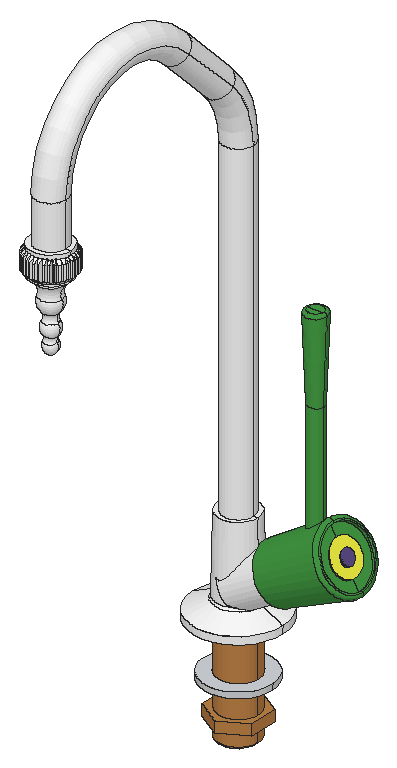
Revit family "Arboles UK - 902103CW-WAWA - Fixed Swan Neck Cold Water Removable Nozzle Lever Action", category Plumbing Fixtures, Revit 2015
Parameters (values of type "902103CW-WAWA")
  Width = "100mm"
  URL = "www.sales@arboles.co.uk"
  Standout = "130mm"
  Spare nozzle = "Pt No 900130"
  Spare headwork = "Pt No 950149"
  Spare Handwheel = "Pt No 190002"
  Shank = "1/2\" BSP x 60mm Long flat ended"
  Pressure = "100PSI"
  Overall height = "325mm"
  Model = "902103CW-WAWA"
  Material = "Brass with Rilsan plastic coated"
  Manufacturer = "Arboles UK Ltd Tel: 01204 388814, Email: sales@arboles.co.uk"
  Description = "Bench mounted removable nozzle swanneck tap, right hand cold water WRAS, Lever action"
  Depth = "155mm"
  Default Elevation = 1219.2 mm
  Colour = "White RAL 9016"
  Base to nozzle = "200mm"
Types (3, lengths in mm): name | Spare headwork | Spare Handwheel | Model | Description
  (no name) | "Pt No 950149" | "Pt No 190002" | "902103CW-WAWA" | "Bench mounted removable nozzle swanneck tap, right hand cold water WRAS, Lever action"
  902103CW-WA | "Pt No 950148" | "Pt No 960200" | "902103CW-WA" | "Bench mounted removable nozzle swanneck tap, right hand cold water WRAS"
  902103CW-WAWA | "Pt No 950149" | "Pt No 190002" | "902103CW-WAWA" | "Bench mounted removable nozzle swanneck tap, right hand cold water WRAS, Lever action"
Reference planes
  plane 1 "Center (Front/Back)": y = 0
  plane 2: z = 0
  plane 3 "Center (Left/Right)": x = 0
Dimensions and locks
  aligned and locked: level to plane 2
Nested families
  nested 1: "103 base front" at (0, 0, 0), type "103 base front"
  nested 2: "900103 snk left" at (0, 0, 53), type "900103 snk left"
  nested 3: "water shank front" at (0, 0, -60), type "water shank front"
  nested 4: "Rem nut front" at (0, -130, 227.448), type "Rem nut front"
  nested 5: "fixed nozzle front" at (0, -130, 188.177), type "fixed nozzle front"
  nested 6: "WATER BACKNUT PLAN" at (0, 0, -50.832), type "WATER BACKNUT PLAN"
  nested 7: "WAHER WASHER PLAN" at (0, 0, -30), type "WAHER WASHER PLAN"
  nested 8: "Lever front CW" at (22.976, 0, 0), type "Lever front CW"
Definition of nested family "103 base front"
  Reference planes
    plane 1 "Center (Front/Back)": y = 0
    plane 2: z = 0
    plane 3 "Center (Left/Right)": x = 0
  Forms (mm)
    Revolve 1, solid
      sketch origin (0, 0, 0) x (1, 0, 0) y (0, 0, 1)
        loop
          line (0, 0) -> (25, 0) -> (25, 4.106) -> (12.842, 9.613)
          arc (12.842, 9.613) -> (12.213, 10.149) -> (11.968, 10.938) r 1.488
          line (11.968, 10.938) -> (11.112, 53) -> (0, 53) -> (0, 0)
        axis (0, 53) -> (0, 0)
      angle from 0 to 360
    Revolve 2, solid
      sketch origin (0, 0, 0) x (1, 0, 0) y (0, 0, 1)
        loop
          line (0, 17.001) -> (24.282, 31.02) -> (17.779, 42.285) -> (-6.504, 28.266) -> (0, 17.001)
        axis (0, 17.001) -> (24.282, 31.02)
      angle from 0 to 360
  Dimensions and locks
    aligned and locked: level to plane 2
Definition of nested family "900103 snk left"
  Reference planes
    plane 1 "Center (Front/Back)": y = 0
    plane 2: z = 0
    plane 3 "Center (Left/Right)": x = 0
  Forms (mm)
    Sweep 1, solid
      path origin (0, 0, 0) x (0, 1, 0) y (0, 0, 1)
        loop
          line (0, 0) -> (0, 184.289)
          arc (0, 184.289) -> (-3.806, 203.423) -> (-14.645, 219.645) r 50
          line (-14.645, 219.645) -> (-44.645, 249.645)
          arc (-44.645, 249.645) -> (-99.134, 260.483) -> (-130, 214.289) r 50
          line (-130, 214.289) -> (-130, 190)
      profile origin (0, 0, 92.145) x (0, -1, 0) y (1, 0, 0)
        loop
          circle (0, 0) r 8.5
  Dimensions and locks
    aligned and locked: level to plane 2
Definition of nested family "water shank front"
  Reference planes
    plane 1 "Center (Front/Back)": y = 0
    plane 2: z = 0
    plane 3 "Center (Left/Right)": x = 0
  Forms (mm)
    Revolve 1, solid
      sketch origin (0, 0, 0) x (1, 0, 0) y (0, 0, 1)
        loop
          line (0, 20) -> (7.5, 20) -> (7.5, 0) -> (9.847, 0) -> (11, 1.153) -> (11, 60) -> (0, 60) -> (0, 20)
        axis (0, 60) -> (0, 0)
      angle from 0 to 360
  Dimensions and locks
    aligned and locked: level to plane 2
Definition of nested family "Rem nut front"
  Reference planes
    plane 1 "Center (Front/Back)": y = 0
    plane 2: z = 0
    plane 3 "Center (Left/Right)": x = 0
  Forms (mm)
    Revolve 1, solid
      sketch origin (0, 0, 0) x (1, 0, 0) y (0, 0, 1)
        loop
          line (0, 0) -> (11.234, 0) -> (11.234, 1.181) -> (13.384, 3.331) -> (13.384, 11.376) -> (11.234, 13.525) -> (11.234, 15.552) -> (0, 15.552) -> (0, 0)
        axis (0, 15.552) -> (0, 0)
      angle from 0 to 360
    Extrusion 2, void
      sketch origin (0, 0, 0) x (1, 0, 0) y (0, 1, 0)
        loop
          line (0, 11.234) -> (1.394, 14.989) -> (0, 14.989) -> (-1.367, 14.989) -> (0, 11.234)
      from 0 to 15
    Extrusion 3, void
      sketch origin (0, 0, 0) x (0, -1, 0) y (1, 0, 0)
        loop
          line (0, 11.234) -> (1.394, 14.989) -> (0, 14.989) -> (-1.367, 14.989) -> (0, 11.234)
      from 0 to 15
    Extrusion 4, void
      sketch origin (0, 0, 0) x (0.984808, -0.173648, 0) y (0.173648, 0.984808, 0)
        loop
          line (0, 11.234) -> (1.394, 14.989) -> (0, 14.989) -> (-1.367, 14.989) -> (0, 11.234)
      from 0 to 15
    Extrusion 5, void
      sketch origin (0, 0, 0) x (0.939693, -0.34202, 0) y (0.34202, 0.939693, 0)
        loop
          line (0, 11.234) -> (1.394, 14.989) -> (0, 14.989) -> (-1.367, 14.989) -> (0, 11.234)
      from 0 to 15
    Extrusion 6, void
      sketch origin (0, 0, 0) x (0.866025, -0.5, 0) y (0.5, 0.866025, 0)
        loop
          line (0, 11.234) -> (1.394, 14.989) -> (0, 14.989) -> (-1.367, 14.989) -> (0, 11.234)
      from 0 to 15
    Extrusion 7, void
      sketch origin (0, 0, 0) x (0.766044, -0.642788, 0) y (0.642788, 0.766044, 0)
        loop
          line (0, 11.234) -> (1.394, 14.989) -> (0, 14.989) -> (-1.367, 14.989) -> (0, 11.234)
      from 0 to 15
    Extrusion 8, void
      sketch origin (0, 0, 0) x (0.642788, -0.766044, 0) y (0.766044, 0.642788, 0)
        loop
          line (0, 11.234) -> (1.394, 14.989) -> (0, 14.989) -> (-1.367, 14.989) -> (0, 11.234)
      from 0 to 15
    Extrusion 9, void
      sketch origin (0, 0, 0) x (0.5, -0.866025, 0) y (0.866025, 0.5, 0)
        loop
          line (0, 11.234) -> (1.394, 14.989) -> (0, 14.989) -> (-1.367, 14.989) -> (0, 11.234)
      from 0 to 15
    Extrusion 10, void
      sketch origin (0, 0, 0) x (0.34202, -0.939693, 0) y (0.939693, 0.34202, 0)
        loop
          line (0, 11.234) -> (1.394, 14.989) -> (0, 14.989) -> (-1.367, 14.989) -> (0, 11.234)
      from 0 to 15
    Extrusion 11, void
      sketch origin (0, 0, 0) x (0.173648, -0.984808, 0) y (0.984808, 0.173648, 0)
        loop
          line (0, 11.234) -> (1.394, 14.989) -> (0, 14.989) -> (-1.367, 14.989) -> (0, 11.234)
      from 0 to 15
    Extrusion 12, void
      sketch origin (0, 0, 0) x (-1, 0, 0) y (0, -1, 0)
        loop
          line (0, 11.234) -> (1.394, 14.989) -> (0, 14.989) -> (-1.367, 14.989) -> (0, 11.234)
      from 0 to 15
    Extrusion 13, void
      sketch origin (0, 0, 0) x (-0.173648, -0.984808, 0) y (0.984808, -0.173648, 0)
        loop
          line (0, 11.234) -> (1.394, 14.989) -> (0, 14.989) -> (-1.367, 14.989) -> (0, 11.234)
      from 0 to 15
    Extrusion 14, void
      sketch origin (0, 0, 0) x (-0.34202, -0.939693, 0) y (0.939693, -0.34202, 0)
        loop
          line (0, 11.234) -> (1.394, 14.989) -> (0, 14.989) -> (-1.367, 14.989) -> (0, 11.234)
      from 0 to 15
    Extrusion 15, void
      sketch origin (0, 0, 0) x (-0.5, -0.866025, 0) y (0.866025, -0.5, 0)
        loop
          line (0, 11.234) -> (1.394, 14.989) -> (0, 14.989) -> (-1.367, 14.989) -> (0, 11.234)
      from 0 to 15
    Extrusion 16, void
      sketch origin (0, 0, 0) x (-0.642788, -0.766044, 0) y (0.766044, -0.642788, 0)
        loop
          line (0, 11.234) -> (1.394, 14.989) -> (0, 14.989) -> (-1.367, 14.989) -> (0, 11.234)
      from 0 to 15
    Extrusion 17, void
      sketch origin (0, 0, 0) x (-0.766044, -0.642788, 0) y (0.642788, -0.766044, 0)
        loop
          line (0, 11.234) -> (1.394, 14.989) -> (0, 14.989) -> (-1.367, 14.989) -> (0, 11.234)
      from 0 to 15
    Extrusion 18, void
      sketch origin (0, 0, 0) x (-0.866025, -0.5, 0) y (0.5, -0.866025, 0)
        loop
          line (0, 11.234) -> (1.394, 14.989) -> (0, 14.989) -> (-1.367, 14.989) -> (0, 11.234)
      from 0 to 15
    Extrusion 19, void
      sketch origin (0, 0, 0) x (-0.939693, -0.34202, 0) y (0.34202, -0.939693, 0)
        loop
          line (0, 11.234) -> (1.394, 14.989) -> (0, 14.989) -> (-1.367, 14.989) -> (0, 11.234)
      from 0 to 15
    Extrusion 20, void
      sketch origin (0, 0, 0) x (-0.984808, -0.173648, 0) y (0.173648, -0.984808, 0)
        loop
          line (0, 11.234) -> (1.394, 14.989) -> (0, 14.989) -> (-1.367, 14.989) -> (0, 11.234)
      from 0 to 15
    Extrusion 21, void
      sketch origin (0, 0, 0) x (0, 1, 0) y (-1, 0, 0)
        loop
          line (0, 11.234) -> (1.394, 14.989) -> (0, 14.989) -> (-1.367, 14.989) -> (0, 11.234)
      from 0 to 15
    Extrusion 22, void
      sketch origin (0, 0, 0) x (-0.984808, 0.173648, 0) y (-0.173648, -0.984808, 0)
        loop
          line (0, 11.234) -> (1.394, 14.989) -> (0, 14.989) -> (-1.367, 14.989) -> (0, 11.234)
      from 0 to 15
    Extrusion 23, void
      sketch origin (0, 0, 0) x (-0.939693, 0.34202, 0) y (-0.34202, -0.939693, 0)
        loop
          line (0, 11.234) -> (1.394, 14.989) -> (0, 14.989) -> (-1.367, 14.989) -> (0, 11.234)
      from 0 to 15
    Extrusion 24, void
      sketch origin (0, 0, 0) x (-0.866025, 0.5, 0) y (-0.5, -0.866025, 0)
        loop
          line (0, 11.234) -> (1.394, 14.989) -> (0, 14.989) -> (-1.367, 14.989) -> (0, 11.234)
      from 0 to 15
    Extrusion 25, void
      sketch origin (0, 0, 0) x (-0.766044, 0.642788, 0) y (-0.642788, -0.766044, 0)
        loop
          line (0, 11.234) -> (1.394, 14.989) -> (0, 14.989) -> (-1.367, 14.989) -> (0, 11.234)
      from 0 to 15
    Extrusion 26, void
      sketch origin (0, 0, 0) x (-0.642788, 0.766044, 0) y (-0.766044, -0.642788, 0)
        loop
          line (0, 11.234) -> (1.394, 14.989) -> (0, 14.989) -> (-1.367, 14.989) -> (0, 11.234)
      from 0 to 15
    Extrusion 27, void
      sketch origin (0, 0, 0) x (-0.5, 0.866025, 0) y (-0.866025, -0.5, 0)
        loop
          line (0, 11.234) -> (1.394, 14.989) -> (0, 14.989) -> (-1.367, 14.989) -> (0, 11.234)
      from 0 to 15
    Extrusion 28, void
      sketch origin (0, 0, 0) x (-0.34202, 0.939693, 0) y (-0.939693, -0.34202, 0)
        loop
          line (0, 11.234) -> (1.394, 14.989) -> (0, 14.989) -> (-1.367, 14.989) -> (0, 11.234)
      from 0 to 15
    Extrusion 29, void
      sketch origin (0, 0, 0) x (-0.173648, 0.984808, 0) y (-0.984808, -0.173648, 0)
        loop
          line (0, 11.234) -> (1.394, 14.989) -> (0, 14.989) -> (-1.367, 14.989) -> (0, 11.234)
      from 0 to 15
    Extrusion 30, void
      sketch origin (0, 0, 0) x (1, 0, 0) y (0, 1, 0)
        loop
          line (0, 11.234) -> (1.394, 14.989) -> (0, 14.989) -> (-1.367, 14.989) -> (0, 11.234)
      from 0 to 15
    Extrusion 31, void
      sketch origin (0, 0, 0) x (0.173648, 0.984808, 0) y (-0.984808, 0.173648, 0)
        loop
          line (0, 11.234) -> (1.394, 14.989) -> (0, 14.989) -> (-1.367, 14.989) -> (0, 11.234)
      from 0 to 15
    Extrusion 32, void
      sketch origin (0, 0, 0) x (0.34202, 0.939693, 0) y (-0.939693, 0.34202, 0)
        loop
          line (0, 11.234) -> (1.394, 14.989) -> (0, 14.989) -> (-1.367, 14.989) -> (0, 11.234)
      from 0 to 15
    Extrusion 33, void
      sketch origin (0, 0, 0) x (0.5, 0.866025, 0) y (-0.866025, 0.5, 0)
        loop
          line (0, 11.234) -> (1.394, 14.989) -> (0, 14.989) -> (-1.367, 14.989) -> (0, 11.234)
      from 0 to 15
    Extrusion 34, void
      sketch origin (0, 0, 0) x (0.642788, 0.766044, 0) y (-0.766044, 0.642788, 0)
        loop
          line (0, 11.234) -> (1.394, 14.989) -> (0, 14.989) -> (-1.367, 14.989) -> (0, 11.234)
      from 0 to 15
    Extrusion 35, void
      sketch origin (0, 0, 0) x (0.766044, 0.642788, 0) y (-0.642788, 0.766044, 0)
        loop
          line (0, 11.234) -> (1.394, 14.989) -> (0, 14.989) -> (-1.367, 14.989) -> (0, 11.234)
      from 0 to 15
    Extrusion 36, void
      sketch origin (0, 0, 0) x (0.866025, 0.5, 0) y (-0.5, 0.866025, 0)
        loop
          line (0, 11.234) -> (1.394, 14.989) -> (0, 14.989) -> (-1.367, 14.989) -> (0, 11.234)
      from 0 to 15
    Extrusion 37, void
      sketch origin (0, 0, 0) x (0.939693, 0.34202, 0) y (-0.34202, 0.939693, 0)
        loop
          line (0, 11.234) -> (1.394, 14.989) -> (0, 14.989) -> (-1.367, 14.989) -> (0, 11.234)
      from 0 to 15
    Extrusion 38, void
      sketch origin (0, 0, 0) x (0.984808, 0.173648, 0) y (-0.173648, 0.984808, 0)
        loop
          line (0, 11.234) -> (1.394, 14.989) -> (0, 14.989) -> (-1.367, 14.989) -> (0, 11.234)
      from 0 to 15
  Cuts and joins
    Extrusion 2, Extrusion 3, Extrusion 4, Extrusion 5, Extrusion 6, Extrusion 7, Extrusion 8, Extrusion 9, Extrusion 10, Extrusion 11, Extrusion 12, Extrusion 13, Extrusion 14, Extrusion 15, Extrusion 16, Extrusion 17, Extrusion 18, Extrusion 19, Extrusion 20, Extrusion 21, Extrusion 22, Extrusion 23, Extrusion 24, Extrusion 25, Extrusion 26, Extrusion 27, Extrusion 28, Extrusion 29, Extrusion 30, Extrusion 31, Extrusion 32, Extrusion 33, Extrusion 34, Extrusion 35, Extrusion 36, Extrusion 37, Extrusion 38 cuts Revolve 1
  Dimensions and locks
    aligned and locked: level to plane 2
Definition of nested family "fixed nozzle front"
  Reference planes
    plane 1 "Center (Front/Back)": y = 0
    plane 2: z = 0
    plane 3 "Center (Left/Right)": x = 0
  Forms (mm)
    Revolve 1, solid
      sketch origin (0, 0, 0) x (1, 0, 0) y (0, 0, 1)
        loop
          arc (4.525, 21.334) -> (6.372, 24.716) -> (5.979, 28.55) r 6.5
          arc (5.979, 28.55) -> (5.825, 32.462) -> (7.5, 36) r 8.212
          line (7.5, 36) -> (7.5, 39.271) -> (0, 39.271) -> (0, 0) -> (1.514, 0)
          arc (1.514, 0) -> (3.732, 2.609) -> (3.472, 6.023) r 4.5
          arc (3.472, 6.023) -> (3.121, 7.886) -> (3.815, 9.651) r 3.427
          arc (3.815, 9.651) -> (4.95, 12.846) -> (3.995, 16.1) r 5.5
          arc (3.995, 16.1) -> (3.305, 18.814) -> (4.525, 21.334) r 4.084
        axis (0, 39.271) -> (0, 0)
      angle from 0 to 360
  Dimensions and locks
    aligned and locked: level to plane 2
Definition of nested family "WATER BACKNUT PLAN"
  Reference planes
    plane 1 "Center (Front/Back)": y = 0
    plane 2: z = 0
    plane 3 "Center (Left/Right)": x = 0
  Forms (mm)
    Extrusion 1, solid
      sketch origin (0, 0, 0) x (1, 0, 0) y (0, 1, 0)
        loop
          line (14, 8.083) -> (0, 16.166) -> (-14, 8.083) -> (-14, -8.083) -> (0, -16.166) -> (14, -8.083) -> (14, 8.083)
      from 0 to 6
    Extrusion 2, void
      sketch origin (0, 0, 0) x (1, 0, 0) y (0, 1, 0)
        loop
          circle (0, 0) r 10
      from 0 to 6
  Cuts and joins
    Extrusion 2 cuts Extrusion 1
  Dimensions and locks
    aligned and locked: level to plane 2
Definition of nested family "WAHER WASHER PLAN"
  Reference planes
    plane 1 "Center (Front/Back)": y = 0
    plane 2: z = 0
    plane 3 "Center (Left/Right)": x = 0
  Forms (mm)
    Extrusion 1, solid
      sketch origin (0, 0, 0) x (1, 0, 0) y (0, 1, 0)
        loop
          circle (0, 0) r 19
      from 0 to 3
    Extrusion 2, void
      sketch origin (0, 0, 0) x (1, 0, 0) y (0, 1, 0)
        loop
          circle (0, 0) r 11.5
      from 0 to 3
  Cuts and joins
    Extrusion 2 cuts Extrusion 1
  Dimensions and locks
    aligned and locked: level to plane 2
Definition of nested family "Lever front CW"
  Reference planes
    plane 1 "Center (Front/Back)": y = 0
    plane 2: z = 0
    plane 3 "Center (Left/Right)": x = 0
  Forms (mm)
    Revolve 1, solid
      sketch origin (20.151, 0, 12.287) x (1, 0, 0) y (0, 0, 1)
        loop
          line (0, 45.157) -> (4.36, 45.157) -> (4.36, 108.735) -> (5.938, 153.927)
          arc (5.938, 153.927) -> (5.5, 155.068) -> (4.376, 155.545) r 1.563
          line (4.376, 155.545) -> (0, 155.545) -> (0, 45.157)
        axis (0, 45.157) -> (0, 155.545)
      angle from 0 to 360
    Revolve 2, solid
      sketch origin (0, 0, 0) x (1, 0, 0) y (0, 0, 1)
        loop
          line (0, 30) -> (7.759, 16.002) -> (45.182, 33.453)
          arc (45.182, 33.453) -> (46.136, 34.531) -> (45.998, 35.964) r 1.806
          line (45.998, 35.964) -> (45.562, 36.751) -> (44, 35.886) -> (36.154, 50.041) -> (0, 30)
        axis (0, 30) -> (37.716, 50.906)
      angle from 0 to 360
    Extrusion 3, solid
      sketch origin (36.154, 0, 50.041) x (0.48481, 0, -0.87462) y (0, 1, 0)
        loop
          circle (0, 0) r 10
      from 0 to 1
    Extrusion 4, solid
      sketch origin (36.154, 0, 50.041) x (0.48481, 0, -0.87462) y (0, 1, 0)
        loop
          circle (0, 0) r 4.244
      from 0 to 2
  Dimensions and locks
    aligned and locked: level to plane 2
